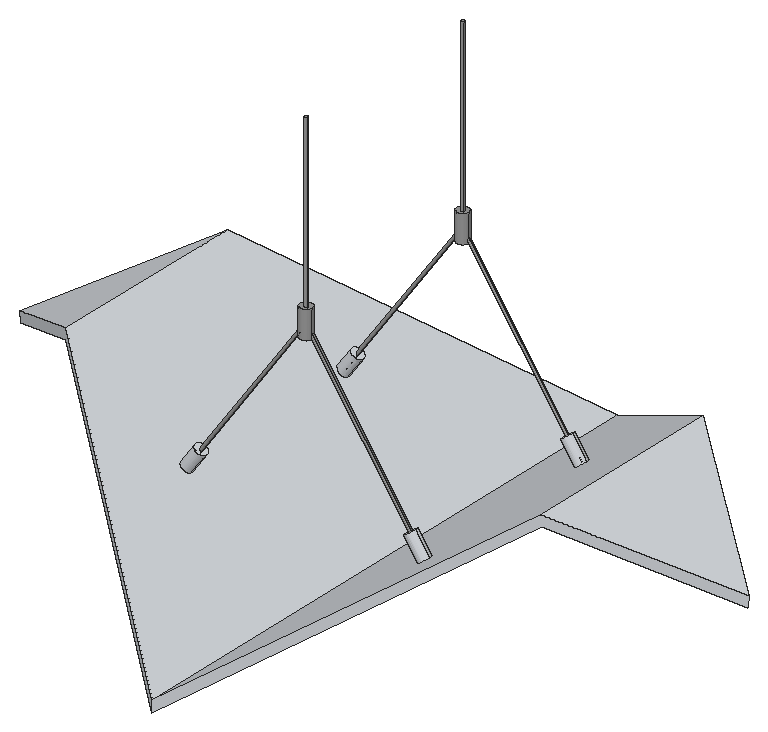
Revit family "Faceted Clouds 002", category Modelos genéricos, Revit 2020
Family settings
  Puede alojar armadura = No
  Cota de conector redondo = Diámetro de uso
  Tipo de pieza = Normal
  Se basa en plano de trabajo = No
  Siempre vertical = Sí
  Corte con vacíos al cargar = No
  Compartido = No
  Punto de cálculo de habitación = No
Parameters
  URL = "https://www.csiposhfelt.com/products/facet-clouds-002"
  Modelo = "Faceted Clouds 002"
  Fabricante = "CSI PoshFelt"
  Elevación por defecto = 0' - 0"
  Core Material = none
Reference planes (in)
  plane 1 "Center (Front/Back)": y = 0
  plane 2: z = 0
  plane 3 "Center (Left/Right)": x = 0
Forms (in)
  Extrusion 1, solid, material <- "Core Material"
    sketch origin (0, 0, 0) x (1, 0, 0) y (0, 0, 1)
      loop
        line (0, 0) -> (19.65965, 13.76583) -> (30.05195, 7.76583) -> (30.05195, 8.63186) -> (19.62086, 14.65425) -> (0, 0.91558) -> (-19.62086, 14.65425) -> (-30.05195, 8.63186) -> (-30.05195, 7.76583) -> (-19.65965, 13.76583) -> (0, 0)
    from -24 to 24
  Extrusion 2, void
    sketch origin (0, 0, 0) x (1, 0, 0) y (0, 1, 0)
      loop
        line (0, 24) -> (0, 26) -> (-32.05195, 26) -> (-32.05195, 0) -> (-30.05195, 0) -> (0, 24)
    from 0 to 24
  Extrusion 3, void
    sketch origin (0, 0, 0) x (-1, 0, 0) y (0, -1, 0)
      loop
        line (0, -24) -> (-30.05195, 0) -> (-32.05195, 0) -> (-32.05195, -26) -> (0, -26) -> (0, -24)
    from 0 to 24
  Extrusion 4, void
    sketch origin (0, 0, 0) x (1, 0, 0) y (0, 1, 0)
      loop
        line (0, -24) -> (-30.05195, 0) -> (-32.05195, 0) -> (-32.05195, -26) -> (0, -26) -> (0, -24)
    from 0 to 24
  Extrusion 5, void
    sketch origin (0, 0, 0) x (-1, 0, 0) y (0, -1, 0)
      loop
        line (0, 24) -> (0, 26) -> (-32.05195, 26) -> (-32.05195, 0) -> (-30.05195, 0) -> (0, 24)
    from 0 to 24
  Extrusion 6, solid
    sketch origin (-0.43018, 0, 0.61436) x (0.819152, 0, 0.573576) y (0, 1, 0)
      loop
        circle (12.50148, 8.08261) r 0.5
      loop
        circle (12.50148, -8.08261) r 0.5
    from 0 to 2
  Extrusion 7, solid
    sketch origin (0.43018, 0, 0.61436) x (-0.819152, 0, 0.573576) y (0, -1, 0)
      loop
        circle (12.50148, -8.08261) r 0.5
      loop
        circle (12.50148, 8.08261) r 0.5
    from 0 to 2
  Extrusion 8, solid, material "Cable"
    sketch origin (0.43018, 0, 0.61436) x (-0.819152, 0, 0.573576) y (0, -1, 0)
      loop
        circle (12.50148, -8.08261) r 0.12
      loop
        circle (12.50148, 8.08261) r 0.12
    from 0 to 17.08748
  Extrusion 9, solid, material "Cable"
    sketch origin (-0.43018, 0, 0.61436) x (0.819152, 0, 0.573576) y (0, 1, 0)
      loop
        circle (12.50148, 8.08261) r 0.12
      loop
        circle (12.50148, -8.08261) r 0.12
    from 0 to 17.134
  Extrusion 10, solid, material "Cable"
    sketch origin (0, 0, 0) x (1, 0, 0) y (0, 1, 0)
      loop
        circle (0, 8.09098) r 0.5
      loop
        circle (0, -8.07933) r 0.5
    from 20.82059 to 23.07561
  Extrusion 11, solid, material "Cable"
    sketch origin (0, 0, 0) x (1, 0, 0) y (0, 1, 0)
      loop
        circle (0, 8.07378) r 0.12
      loop
        circle (0, -8.08393) r 0.12
    from 21.76217 to 37.06756
Cuts and joins
  Extrusion 2, Extrusion 3, Extrusion 4, Extrusion 5 cuts Extrusion 1
Dimensions and locks (in)
  aligned and locked: plane 2 to level
